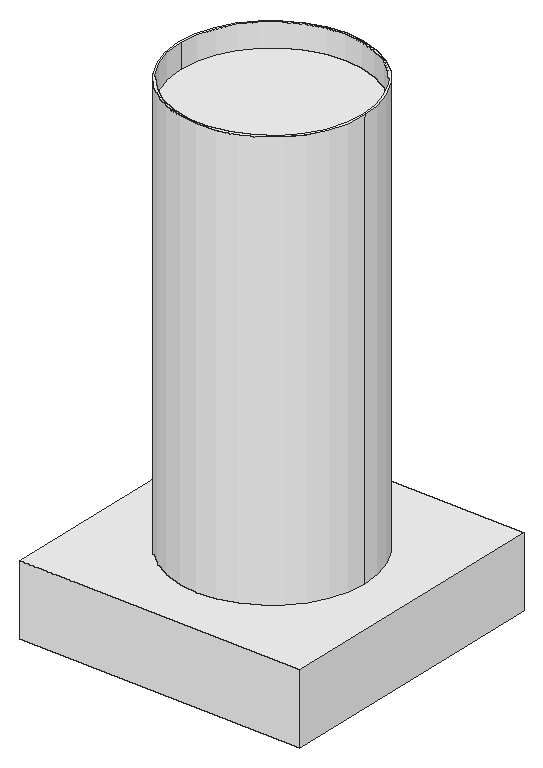
Revit family "Voila 4 Cylinder Surface", category Lighting Fixtures, host Face, Revit 2015
Parameters
  Wattage = 9.2903 W
  built-in parameter 1150110 = 1 (stored number, unit not read)
  Voltage = if([120 Volts], 120 V, if([277 Volts], 277 V, if([277 Volts], 347 V, if([UNV 120 Volts-277 Volts], 120 V, 120 V))))  # 120 V
  URL = "http://www.lumenwerx.com"
  UNV 120 Volts-277 Volts = no
  built-in parameter 1114217 = 1 (stored number, unit not read)
  Tilt Angle = -90.00°  # constant formula
  built-in parameter 1150109 = 1 (stored number, unit not read)
  built-in parameter 1150134 = 3
  built-in parameter 1150113 = 1 (stored number, unit not read)
  Photometric Web File = "Generic"
  Optics = Lumenwerx CS Lens
  Mounting Height = if(Conduit Feed, 1.5", 0")  # 1.5"
  Model = "Voila 4 Cylinder Surface"  # constant formula
  Manufacturer = "Lumenwerx"  # constant formula
  built-in parameter 1150105 = 109.82 (stored number, unit not read)
  Lumens = 1380 lm
  built-in parameter 1150115 = 1 (stored number, unit not read)
  Luminaire ID = "VO4CYS"
  Link to Product Page = "http://lumenwerx.com/en/product-line/voila-4-cylinder-cuboid-2/"
  Link to IES File = ""
  built-in parameter 1150137 = (empty or 0)
  built-in parameter 1150139 = (empty or 0)
  built-in parameter 1150112 = 1 (stored number, unit not read)
  built-in parameter 1150114 = 1 (stored number, unit not read)
  Lamp = "LED"  # constant formula
  built-in parameter 1150132 = (empty or 0)
  built-in parameter 1150102 = (empty or 0)
  built-in parameter 1150107 = 3200 (stored number, unit not read)
  built-in parameter 1150138 = (empty or 0)
  built-in parameter 1150106 = 1.0982 (stored number, unit not read)
  Fixture Width = 4"
  Fixture Height = 9"
  Finish = Lumenwerx Standard White
  built-in parameter 1150104 = 13.8 (stored number, unit not read)
  Dimming Lamp Color Temperature Shift = <None>
  Default Elevation = 48"
  Conduit Feed = yes
  Color Temperature = 0 K
  Color Filter = 16777215
  built-in parameter 1114218 = 1 (stored number, unit not read)
  built-in parameter 1150133 = 10 (stored number, unit not read)
  Apparent Load = 0 VA
  347 Volts = no
  277 Volts = no
  120 Volts = yes
Reference planes (in)
  plane 1 "Center (Front/Back)": y = 0
  plane 2: z = 0
  plane 3 "Center (Left/Right)": x = 0
Forms (in)
  Revolve 1, solid, not visible
    sketch origin (0, 0, 0) x (1, 0, 0) y (0, 0, 1)
      loop
        line (0, 0.25) -> (-1, 0.25) -> (-1, 0) -> (-0.96777, 0) -> (-0.96777, 0.21676) -> (0, 0.21676) -> (0, 0.25)
      axis (0, 0.25) -> (0, 0)
    angle from 0 to 360
  Revolve 2, solid, not visible
    sketch origin (0, 0, -2.75) x (1, 0, 0) y (0, 0, 1)
      loop
        line (0, 3) -> (0.175, 3) -> (0.175, 4) -> (0, 4) -> (0, 3)
      axis (0, 4) -> (0, 3)
    angle from 0 to 360
  Revolve 3, solid, not visible
    sketch origin (0, 0, 0) x (1, 0, 0) y (0, 0, 1)
      loop
        line (0, 1.25) -> (0, 11.25) -> (-0.03134, 11.25) -> (-0.03134, 1.25) -> (0, 1.25)
      axis (0, 1.25) -> (0, 11.25)
    angle from 0 to 360
  Extrusion 4, solid, material "Lumenwerx Standard White" <- "Finish", not visible
    sketch origin (0, 0, 0) x (1, 0, 0) y (0, 1, 0)
      loop
        line (-1.91, 0.66) -> (-1.91, -0.66) -> (1.91, -0.66) -> (1.91, 0.66) -> (-1.91, 0.66)
    from 31.6 to 32
  Extrusion 5, void, not visible
    sketch origin (0, 0, 0) x (1, 0, 0) y (0, 1, 0)
      loop
        line (-1.86, 0.61) -> (-1.86, -0.61) -> (-0.66, -0.61) -> (-0.66, 0.61) -> (-1.86, 0.61)
      loop
        line (1.86, -0.61) -> (1.86, 0.61) -> (0.66, 0.61) -> (0.66, -0.61) -> (1.86, -0.61)
      loop
        line (-0.6, 0.61) -> (-0.6, -0.61) -> (0.6, -0.61) -> (0.6, 0.61) -> (-0.6, 0.61)
    from 32 to 31.6
  Extrusion 6, solid, material "Lumenwerx Standard White" <- "Finish"
    sketch origin (0, 0, 0) x (1, 0, 0) y (0, 1, 0)
      loop
        circle (0, 0) r 2
    from 1.5 to 10.5
  Extrusion 7, void
    sketch origin (0, 0, 0) x (1, 0, 0) y (0, 1, 0)
      loop
        circle (0, 0) r 1.96
    from 1.5 to 10.5
  Extrusion 8, solid, material "Lumenwerx CS Lens" <- "Optics"
    sketch origin (0, 0, 0) x (1, 0, 0) y (0, 1, 0)
      loop
        circle (0, 0) r 1.96
    from 9.93 to 10
  Extrusion 9, solid, material "Lumenwerx Standard White" <- "Finish", visible <- "Conduit Feed"
    sketch origin (0, 0, 0) x (1, 0, 0) y (0, 1, 0)
      loop
        line (-3, 3) -> (-3, -3) -> (3, -3) -> (3, 3) -> (-3, 3)
    from 0 to 1.5
Cuts and joins
  Extrusion 7 cuts Extrusion 6
Lines and regions (in)
  reference lines
    curve 1: line (0, 29.015, 10.5) -> (0, -29.735, 10.5)
    curve 2: line (0, 29.015, 1.5) -> (0, -29.735, 1.5)
    curve 3: line (-2, 0, -16) -> (-2, 0, 67.75)
    curve 4: line (2, 0, -16) -> (2, 0, 67.75)
    curve 5: line (0, -2, -16) -> (0, -2, 47.5)
    curve 6: line (0, 2, 63.77586) -> (0, 2, -24)
    curve 7: line (-32.56803, 0, 36) -> (37.43197, 0, 36)
    curve 8: line (-32.56803, 2, 0) -> (37.43197, 2, 0)
    curve 9: line (37.43197, -2, 0) -> (-32.56803, -2, 0)
    curve 10: line (0, 12, 10) -> (0, -12, 10)
    curve 11: line (0, 12, 9.93) -> (0, -12, 9.93)
Dimensions and locks (in)
  curve 4 to curve 3 = 4"
  "Fixture Height": curve 2 to curve 1
  equal spacing: curve 4, plane 3 "Center (Left/Right)", curve 3
  equal spacing: curve 6, curve 3, curve 5
  "Fixture Width": curve 6 to curve 5
  connector elem to curve 4 = 2"
  curve 7 to host face = 36"
  "Mounting Height": host face to curve 2
  equal spacing: curve 9, curve 7, curve 8
  "Fixture Width": curve 9 to curve 8
  curve 10 to curve 1 = 0.5"
  aligned and locked: plane 2 to host face
  aligned and locked: level to host face
  aligned and locked: imposter light to plane 1 "Center (Front/Back)"
  aligned and locked: Extrusion 6 to curve 1
  aligned and locked: curve 2 to Extrusion 6
  aligned and locked: Extrusion 8 to curve 10
  aligned and locked: curve 11 to Extrusion 8
  aligned and locked: imposter light to curve 10
  aligned and locked: cut or joined group of Extrusion 6, Extrusion 7 to curve 1
  aligned and locked: curve 2 to cut or joined group of Extrusion 6, Extrusion 7
Automatic sketch dimensions
  Revolve 1 sketch curve to Revolve 1 sketch curve = 0.96777"
  Revolve 1 sketch curve to Revolve 1 sketch curve = 0.03324"
  Revolve 1 sketch curve to Revolve 1 sketch curve = 0"
  Revolve 1 sketch curve to Revolve 1 sketch curve = 0.11081"
  Revolve 2 sketch curve to Revolve 2 sketch curve = 0.175"
  Revolve 2 sketch curve to Revolve 2 sketch curve = 1"
  Revolve 2 sketch curve to Revolve 2 sketch curve = 0"  (x2)
  Revolve 2 sketch curve to Revolve 2 sketch curve = 0.5"
  Revolve 3 sketch curve to Revolve 3 sketch curve = 10"
  Revolve 3 sketch curve to Revolve 3 sketch curve = 0"  (x2)
  Revolve 3 sketch curve to Revolve 3 sketch curve = 1.25"
  Revolve 1 sketch curve to Revolve 1 sketch curve = 0.03223"
  Revolve 1 sketch curve to Revolve 1 sketch curve = 0.21676"  (x2)
  Revolve 3 sketch curve to Revolve 3 sketch curve = 0.03134"
  host sketch curve to host sketch curve = 96"  (x2)
  Extrusion 5 sketch curve to Extrusion 5 sketch curve = 0.06"  (x2)
  Extrusion 5 sketch curve to Extrusion 5 sketch curve = 1.2"  (x3)
  Extrusion 5 sketch curve to Extrusion 5 sketch curve = 0"  (x3)
  Extrusion 4 sketch curve to Extrusion 4 sketch curve = 3.82"
  Extrusion 4 sketch curve to Extrusion 4 sketch curve = 1.32"
  Extrusion 5 sketch curve to Extrusion 5 sketch curve = 1.22"  (x2)
  curve 7 to plane 3 "Center (Left/Right)" = 32.56803"
  plane 3 "Center (Left/Right)" to curve 7 = 37.43197"
  curve 3 to level = 16"
  curve 4 to curve 3 = 0"
  curve 7 to curve 4 = 31.75"
  curve 3 to curve 4 = 0"
  plane 1 "Center (Front/Back)" to Extrusion 6 sketch curve = 0"
  Extrusion 6 sketch curve to plane 3 "Center (Left/Right)" = 0"
  plane 1 "Center (Front/Back)" to Extrusion 7 sketch curve = 0"
  Extrusion 7 sketch curve to plane 3 "Center (Left/Right)" = 0"
  plane 1 "Center (Front/Back)" to Extrusion 8 sketch curve = 0"
  Extrusion 8 sketch curve to plane 3 "Center (Left/Right)" = 0"
  plane 3 "Center (Left/Right)" to Extrusion 9 sketch curve = 3"
  plane 1 "Center (Front/Back)" to Extrusion 9 sketch curve = 3"
  Extrusion 9 sketch curve to plane 1 "Center (Front/Back)" = 3"
  Extrusion 9 sketch curve to plane 3 "Center (Left/Right)" = 3"
  curve 9 to plane 3 "Center (Left/Right)" = 32.56803"
  curve 8 to curve 9 = 0"  (x2)
  plane 3 "Center (Left/Right)" to curve 9 = 37.43197"
  plane 1 "Center (Front/Back)" to curve 11 = 12"
  curve 10 to curve 11 = 0"  (x2)
  curve 2 to curve 11 = 17.735"
  curve 1 to curve 2 = 0"
  curve 11 to plane 1 "Center (Front/Back)" = 12"
  curve 10 to curve 1 = 17.015"
  curve 2 to curve 1 = 0"
  curve 5 to level = 16"
  curve 6 to curve 5 = 8"
  curve 11 to curve 10 = 0.07"
  curve 10 to curve 5 = 37.5"
  curve 5 to curve 6 = 16.27586"
  radius of Extrusion 6 sketch curve = 2"
  radius of Extrusion 7 sketch curve = 1.96"
  radius of Extrusion 8 sketch curve = 1.96"
Connectors (in)
  electrical at (0, 0, 0), driven by "Voltage"
    settings: index 1, voltage 120 V, apparent load 0 VA, apparent load phase1 0 VA, apparent load phase2 0 VA, apparent load phase3 0 VA, power factor 1, load classification "Other", number of poles 1, system type 31, power factor state 1, is connector primary yes, connector utility no, sub classification motor no, connector description ""
